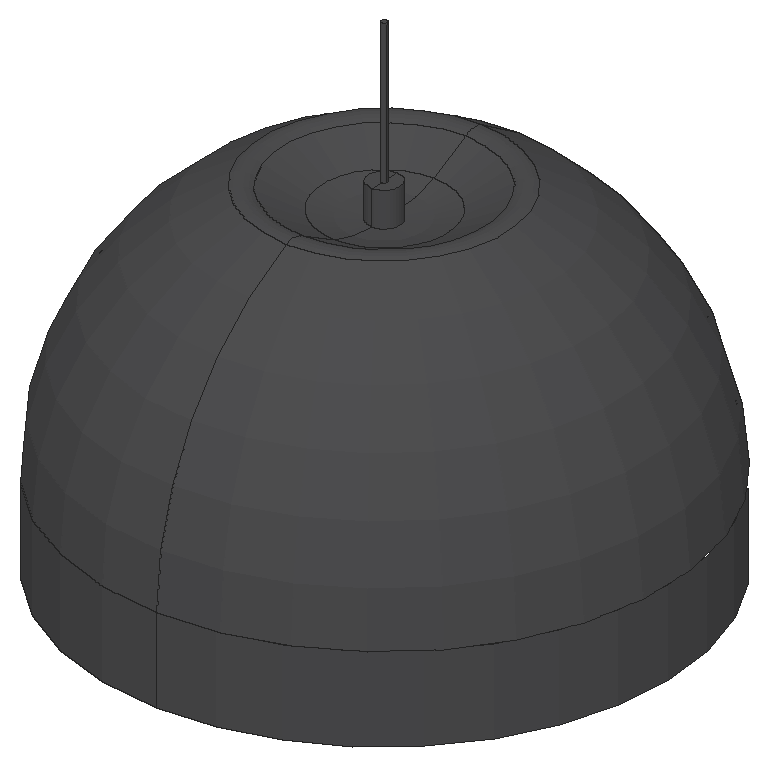
Revit family "Lighting_Pendants_Zero_Bob-Light_XL", category Lighting Fixtures, Revit 2018
Family settings
  Round Connector Dimension = Use Diameter
  Part Type = Normal
  OmniClass Number = 23.80.70.00
  OmniClass Title = Lighting
  Work Plane-Based = No
  Always vertical = Yes
  Cut with Voids When Loaded = No
  Light Source = Yes
  Shared = No
  Room Calculation Point = No
Parameters (values of type "Bob Light XL - Black 14W/955LM On/Off")
  Wattage = 21.4414 W
  WarrantyStartDate [instance] = "n/a"
  WarrantyGuarantorParts = "n/a"
  WarrantyGuarantorLabor = "n/a"
  WarrantyDurationUnit = "n/a"
  WarrantyDurationParts = "n/a"
  WarrantyDurationLabor = "n/a"
  WarrantyDescription = "n/a"
  built-in parameter 1150110 = 1 (stored number, unit not read)
  VersionDate = "24/03/2022"  # constant formula
  Version = "1"  # constant formula
  Uniclass2015Reference = "Pr_70_70_48_46"
  Uniclass2015Description = "Light-emitting diode (LED) luminaires"
  Uniclass2 = "Pr_70_70_49_43"
  URL = "https://www.zerolighting.com/pendants#/bob-xl-inompe"
  TotalWattage = 14 W
  built-in parameter 1114217 = 1 (stored number, unit not read)
  Tilt Angle = 90.00°
  built-in parameter 1150109 = 1 (stored number, unit not read)
  built-in parameter 1150134 = (empty or 0)
  TagNumber [instance] = "n/a"
  SustainabilityPerformance = "n/a"
  built-in parameter 1150113 = 1 (stored number, unit not read)
  Size = "400x400x540 mm"
  Shape = "Sculptured"
  SerialNumber [instance] = "n/a"
  Revision = "n/a"  # constant formula
  ReplacementCost = "n/a"
  ProductInformation = "n/a"
  ProductDatasheet = "https://www.zerolighting.com/s/Bob-Light-XL-pendel.pdf"
  Photometric Web File = "Bob-xl-191003.IES"
  NumberOfSources = 0
  NumberOfPoles = 1
  NominalWidth = 400 mm
  NominalVoltageCalc = 230 V
  NominalVoltage = 230 V
  NominalLength = 400 mm
  NominalHeight = 540 mm
  NominalFrequencyRange = 50 Hz
  Name = "Zero_Bob-Light_XL"
  NBSReference = "90-60-50/405"
  NBSDescription = "General purpose luminaires"
  ModelReference = "n/a"
  ModelNumber = "19100306-30"
  Model = "Bob Light XL"
  Material = "Aluminium&Steel"
  ManufacturersSpecificInformation = "n/a"
  ManufacturerURL = "https://www.zerolighting.com/"
  ManufacturerName = "Zero"
  Manufacturer = "Zero"
  Lumens = 955 lm
  built-in parameter 1150115 = 1 (stored number, unit not read)
  built-in parameter 1150105 = 553.61 (stored number, unit not read)
  LightFixturePlacingType = "Ceilling"
  LightFixtureMountingType = "Suspended"
  LightFixtureMainMaterial = Black RAL 9005
  built-in parameter 1150137 = (empty or 0)
  built-in parameter 1150139 = (empty or 0)
  LensMaterial = Mat Acrylic
  built-in parameter 1150112 = 1 (stored number, unit not read)
  built-in parameter 1150114 = 1 (stored number, unit not read)
  InsulationStandardClass = "n/a"
  InstallationDate [instance] = "n/a"
  built-in parameter 1150132 = 2
  built-in parameter 1150102 = (empty or 0)
  built-in parameter 1150138 = (empty or 0)
  built-in parameter 1150107 = 3000 (stored number, unit not read)
  built-in parameter 1150106 = 5.5361 (stored number, unit not read)
  IfcExportType = "NOTDEFINED"  # constant formula
  IfcExportAs = "IfcLightFixtureType"  # constant formula
  IP_Code = "IP 20"
  HasProtectiveEarth = no
  Grade = "n/a"
  Finish = "Painted aluminum in white RAL 9010, greybrown RAL 7006, black RAL 9005, orange RAL 3022, grey RAL 7030. Diffuser in matt acrylic. Other colours on request."
  Features = "LED info: System power: 14W. Luminaire Luminous Flux: 955LM. CCT 3000K. SDCM 3. CRI >80. L80/72.000H\r\nInstallation: Suspended from ceiling 2,5 m cable. Including cable-cup.\r\nConnection: DCL plug or terminalblock 3x4 mm2. When DALI 5x4mm2."
  ExpectedLife = "80.000h"
  Emit from Circle Diameter = 400 mm
  Emit Shape Visible in Rendering = no
  ElectricalDeviceNominalPower = 14
  built-in parameter 1150104 = 4.1379 (stored number, unit not read)
  DurationUnit = "Hours"
  Dimming Lamp Color Temperature Shift = <None>
  Designer = "Thomas Bernstrand & Stefan Borselius"
  DefaultElevation = 0 mm
  Constituents = "n/a"
  Color Filter = 16777215
  Color = "Various"
  Collection = "Bob"
  CodePerformance = "n/a"
  Category = "Luminaires"
  CableLengthControl [instance] = if(CableLength < 100 mm, 100 mm, if(CableLength > 2500 mm, 2500 mm, CableLength))  # 100 mm
  CableLength [instance] = 100 mm
  Brand = "Zero"
  Barcode [instance] = "n/a"
  built-in parameter 1114218 = 1 (stored number, unit not read)
  BIMObjectName = "Lighting_Pendants_Zero_Bob-Light_XL"  # constant formula
  Author = "BIMStone"  # constant formula
  built-in parameter 1150133 = 10 (stored number, unit not read)
  AssetType = "Fixed"
  AssetIdentifier [instance] = "n/a"
  Article Number = ModelNumber  # "19100306-30"
  AccessibilityPerformance = "n/a"
Types (11, lengths in mm): name | ModelNumber | LightFixtureMainMaterial | Article Number
  (no name) | "19100306-30" | Black RAL 9005 | "19100306-30"
  Bob Light XL - White 14W/955LM On/Off | "19100301-30" | White RAL 9010 | "19100301-30"
  Bob Light XL - White 14W/955LM DALI | "19100301D30" | White RAL 9010 | "19100301D30"
  Bob Light XL - Black 14W/955LM On/Off | "19100306-30" | Black RAL 9005 | "19100306-30"
  Bob Light XL - Black 14W/955LM DALI | "19100306D30" | Black RAL 9005 | "19100306D30"
  Bob Light XL - Grey 14W/955LM On/Off | "19100311-30" | Grey RAL 7030 | "19100311-30"
  Bob Light XL - Grey 14W/955LM DALI | "19100311D30" | Grey RAL 7030 | "19100311D30"
  Bob Light XL - Orange 14W/955LM DALI | "19100341D30" | Orange RAL 3022 | "19100341D30"
  Bob Light XL - Orange 14W/955LM On/Off | "19100341-30" | Orange RAL 3022 | "19100341-30"
  Bob Light XL - Grey brown 14W/955LM On/Off | "19100366-30" | Grey brown RAL 7006 | "19100366-30"
  Bob Light XL - Grey brown 14W/955LM DALI | "19100366D30" | Grey brown RAL 7006 | "19100366D30"
Reference planes
  plane 1 "Light Source Axis (F/B)": y = 0
  plane 2: z = 0
  plane 3 "Light Source Axis (L/R)": x = 0
  plane 4 "Light Source Elevation": z = 0
  plane 5: x = -200
  plane 6: x = 200
  plane 7: y = 200
  plane 8: y = -200
  plane 9: z = 244
Dimensions and locks
  equal spacing: plane 5, plane 3 "Light Source Axis (L/R)", plane 6
  "NominalWidth": plane 5 to plane 6
  equal spacing: plane 7, plane 1 "Light Source Axis (F/B)", plane 8
  "NominalLength": plane 7 to plane 8
  aligned and locked: plane 3 "Light Source Axis (L/R)" to imposter light
  aligned and locked: plane 1 "Light Source Axis (F/B)" to imposter light
  aligned and locked: plane 4 "Light Source Elevation" to imposter light
  aligned and locked: level to plane 2
  aligned and locked: plane 3 "Light Source Axis (L/R)" to nested 1
Nested families
  nested 1: "Bob_XL" at (0, 0, 0), Body <- "LightFixtureMainMaterial", Glass <- "LensMaterial", CableLenghtControl <- "CableLengthControl", Cable <- "LightFixtureMainMaterial", type "Bob_XL"
    with Glass Mat Acrylic, CableLenghtControl 100 mm, Cable Black RAL 9005, Body Black RAL 9005
Connectors
  electrical at (0, 0, 244), driven by "NominalVoltage"
    settings: on nested 1, index 2, voltage 230 V, apparent load 0 VA, apparent load phase1 0 VA, apparent load phase2 0 VA, apparent load phase3 0 VA, power factor 1, load classification "Other", number of poles 1, system type 31, power factor state 1, is connector primary yes, connector utility no, sub classification motor no, connector description ""
Definition of nested family "Bob_XL"
  Parameters (values of type "Bob_XL")
    Glass [instance] = none
    CableLenghtControl [instance] = 250 mm
    Cable [instance] = none
    Body [instance] = none
  Reference planes
    plane 1 "Center (Front/Back)": y = 0
    plane 2: z = 0
    plane 3 "Center (Left/Right)": x = 0
    plane 4: y = 200
    plane 5: y = -200
    plane 6: x = -200
    plane 7: x = 200
    plane 8: z = 244
  Forms (mm)
    Revolve 1, solid, material <- "Body", detail levels medium+fine
      sketch origin (0, 0, 0) x (0, 1, 0) y (0, 0, 1)
        loop
          line (200, 0) -> (200, 60)
          arc (200, 60) -> (169.042, 167.271) -> (85.687, 241.551) r 201.327
          arc (85.687, 241.551) -> (78.447, 242.957) -> (71.442, 240.647) r 14.61
          arc (71.442, 240.647) -> (57.993, 232.841) -> (43.859, 226.359) r 162.278
          arc (43.859, 226.359) -> (27.734, 221.608) -> (11, 220.005) r 88.132
          line (11, 220.005) -> (0, 220.005) -> (0, 217.005) -> (11, 217.005)
          arc (11, 217.005) -> (28.304, 218.662) -> (44.978, 223.576) r 91.132
          arc (44.978, 223.576) -> (59.373, 230.178) -> (73.071, 238.127) r 165.278
          arc (73.071, 238.127) -> (78.637, 239.963) -> (84.391, 238.846) r 11.61
          arc (84.391, 238.846) -> (166.503, 165.673) -> (197, 60) r 198.327
          line (197, 60) -> (197, 0) -> (200, 0)
        axis (0, 241.551) -> (0, 0)
      angle from 0 to 360
    Revolve 2, solid, material <- "Glass", detail levels medium+fine
      sketch origin (0, 0, 0) x (0, 1, 0) y (0, 0, 1)
        loop
          line (172, 154) -> (172, 157) -> (159.277, 157)
          arc (159.277, 157) -> (155.078, 156.4) -> (151.215, 154.65) r 15
          arc (151.215, 154.65) -> (139.295, 148.307) -> (126.53, 143.904) r 86.209
          arc (126.53, 143.904) -> (87.8, 135.979) -> (48.457, 132.114) r 380.635
          arc (48.457, 132.114) -> (24.235, 131.278) -> (0, 131) r 1054.429
          line (0, 131) -> (0, 128)
          arc (0, 128) -> (24.304, 128.279) -> (48.595, 129.117) r 1057.429
          arc (48.595, 129.117) -> (88.248, 133.012) -> (127.283, 141) r 383.635
          arc (127.283, 141) -> (140.492, 145.556) -> (152.828, 152.12) r 89.209
          arc (152.828, 152.12) -> (155.918, 153.52) -> (159.277, 154) r 12
          line (159.277, 154) -> (172, 154)
        axis (0, 157) -> (0, 128)
      angle from 0 to 360
    Revolve 3, solid, material <- "Body", detail levels medium+fine
      sketch origin (0, 0, 0) x (0, 1, 0) y (0, 0, 1)
        loop
          line (11, 244) -> (0, 244) -> (0, 220.005) -> (11, 220.005) -> (11, 244)
        axis (0, 220.005) -> (0, 244)
      angle from 0 to 360
    Extrusion 4, solid, material <- "Body", detail levels coarse
      sketch origin (0, 0, 0) x (1, 0, 0) y (0, 1, 0)
        loop
          line (-200, 200) -> (-200, -200) -> (200, -200) -> (200, 200) -> (-200, 200)
      from 0 to 244
    Extrusion 5, solid, material <- "Cable"
      sketch origin (-351, -1524, 244) x (-1, 0, 0) y (0, -1, 0)
        loop
          circle (-351, -1524) r 2
      from 0 to 250 <- "CableLenghtControl"
  Lines and regions (mm)
    symbolic lines, detail levels medium+fine
      curve 1: circle (0, 0, 0) r 200 normal (0, 0, 1)
      curve 2: arc (0, 200, 60) -> (0, 169.042, 167.271) -> (0, 85.687, 241.551) r 201.327
      curve 3: arc (0, 85.687, 241.551) -> (0, 82.611, 242.623) -> (0, 79.373, 242.987) r 14.61
      curve 4: line (0, 200, 0) -> (0, 200, 60)
      curve 5: line (0, 11, 244) -> (0, 11, 242.987)
      curve 6: line (0, 11, 242.987) -> (0, 79.373, 242.987)
      curve 7: line (0, 11, 244) -> (0, 0, 244)
      curve 8: line (0, 200, 0) -> (0, 0, 0)
      curve 9: arc (0, -200, 60) -> (0, -169.042, 167.271) -> (0, -85.687, 241.551) r 201.327
      curve 10: arc (0, -85.687, 241.551) -> (0, -82.611, 242.623) -> (0, -79.373, 242.987) r 14.61
      curve 11: line (0, -200, 0) -> (0, -200, 60)
      curve 12: line (0, -11, 244) -> (0, -11, 242.987)
      curve 13: line (0, -11, 242.987) -> (0, -79.373, 242.987)
      curve 14: line (0, -11, 244) -> (0, 0, 244)
      curve 15: line (0, -200, 0) -> (0, 0, 0)
      curve 17: line (-200, 0, 60) -> (-200, 0, 0)
      curve 18: arc (-85.687, 0, 241.551) -> (-169.042, 0, 167.271) -> (-200, 0, 60) r 201.327
      curve 19: arc (-79.373, 0, 242.987) -> (-82.611, 0, 242.623) -> (-85.687, 0, 241.551) r 14.61
      curve 20: line (0, 0, 244) -> (-11, 0, 244)
      curve 22: line (-11, 0, 244) -> (-11, 0, 242.987)
      curve 23: line (-11, 0, 242.987) -> (-79.373, 0, 242.987)
      curve 24: line (-200, 0, 0) -> (0, 0, 0)
      curve 25: line (200, 0, 60) -> (200, 0, 0)
      curve 26: arc (85.687, 0, 241.551) -> (169.042, 0, 167.271) -> (200, 0, 60) r 201.327
      curve 27: arc (79.373, 0, 242.987) -> (82.611, 0, 242.623) -> (85.687, 0, 241.551) r 14.61
      curve 28: line (0, 0, 244) -> (11, 0, 244)
      curve 30: line (11, 0, 244) -> (11, 0, 242.987)
      curve 31: line (11, 0, 242.987) -> (79.373, 0, 242.987)
      curve 32: line (200, 0, 0) -> (0, 0, 0)
    symbolic lines, detail levels fine
      curve 16: line (0, 11, 242.987) -> (0, -11, 242.987)
      curve 21: line (0, 0, 242.987) -> (-11, 0, 242.987)
      curve 29: line (0, 0, 242.987) -> (11, 0, 242.987)
      curve 33: circle (0, 0, 0) r 197 normal (0, 0, 1)
    symbolic lines
      curve 34: line (0, 2, 494) -> (0, -2, 494)
      curve 35: line (0, 2, 494) -> (0, 2, 244)
      curve 36: line (0, -2, 494) -> (0, -2, 244)
      curve 37: line (2, 0, 494) -> (-2, 0, 494)
      curve 38: line (-2, 0, 494) -> (-2, 0, 244)
      curve 39: line (2, 0, 494) -> (2, 0, 244)
  Dimensions and locks
    aligned and locked: level to plane 2
    aligned and locked: curve 34 to Extrusion 5
    aligned and locked: curve 37 to Extrusion 5
